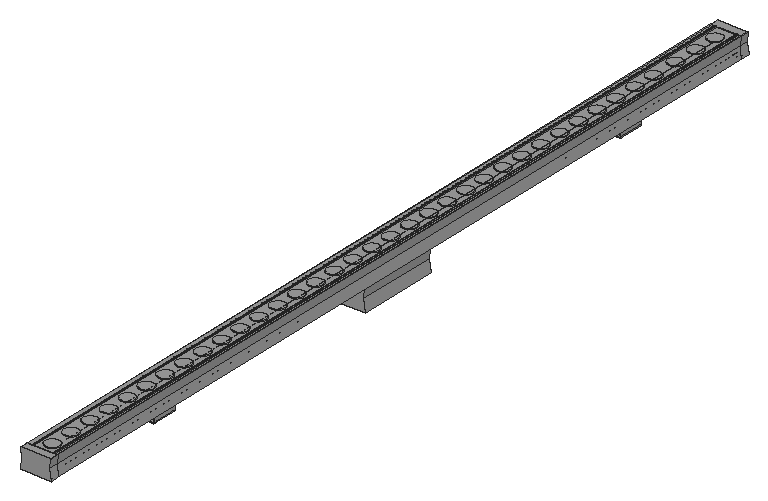
Revit family "SH-1395-120CM", category Lighting Fixtures, Revit 2017
Family settings
  Round Connector Dimension = Use Diameter
  Part Type = Normal
  OmniClass Number = 23.80.70.00
  OmniClass Title = Lighting
  Work Plane-Based = Yes
  Always vertical = No
  Cut with Voids When Loaded = No
  Light Source = No
  Shared = Yes
  Room Calculation Point = No
Parameters (values of type "Sh-1395-36W-120cm(anodized aluminum color-6500K-LED)")
  wattage = 36 W
  instalation = ""
  consumption current = 0.24 A
  color temperature = "6500K"
  color rendering index(CRI) = ""
  Width = 4.2377 cm
  Website = "www.shoaco.com"
  Voltage/Frequency = "230V/50HZ"
  URL = "https://www.shoaco.com/fa/product/%D9%BE%D8%B1%D9%88%DA%98%DA%A9%D8%AA%D9%88%D8%B1-%D9%87%D8%A7/534-%D9%88%D8%A7%D9%84-%D9%88%D8%A7%D8%B4%D8%B1-sh-1395-36LED.html"
  Type medule = "Power LED"
  Protection Class = "Class I"
  Model = "SH-1395-120cm"
  Manufacturer = "SHOA"
  Luminaire Vertical Angle [instance] = 0.00°
  Length = 122.3034 cm
  Lamp = "LED"
  IP = "IP65"
  Height = 7.345 cm
  Flicker = "Free Flicker"
  Default Elevation = 121.92 cm
  Body color = Anodize color
  Body Material = "Aluminum"
  6500K = yes
  3000K = no
  2000K = no
Types (4, lengths in cm): name | color temperature | URL | 6500K | 3000K | 2000K
  (no name) | "6500K" | "https://www.shoaco.com/fa/product/%D9%BE%D8%B1%D9%88%DA%98%DA%A9%D8%AA%D9%88%D8%B1-%D9%87%D8%A7/534-%D9%88%D8%A7%D9%84-%D9%88%D8%A7%D8%B4%D8%B1-sh-1395-36LED.html" | yes | no | no
  Sh-1395-36W-120cm(anodized aluminum color-3000K-LED) | "3000K" | "https://www.shoaco.com/fa/product/%D9%BE%D8%B1%D9%88%DA%98%DA%A9%D8%AA%D9%88%D8%B1-%D9%87%D8%A7/533-%D9%88%D8%A7%D9%84-%D9%88%D8%A7%D8%B4%D8%B1-sh-1395-24LED.html" | no | yes | no
  Sh-1395-36W-120cm(anodized aluminum color-2000K-LED) | "2000K" | "https://www.shoaco.com/fa/product/%D9%BE%D8%B1%D9%88%DA%98%DA%A9%D8%AA%D9%88%D8%B1-%D9%87%D8%A7/533-%D9%88%D8%A7%D9%84-%D9%88%D8%A7%D8%B4%D8%B1-sh-1395-24LED.html" | no | no | yes
  Sh-1395-36W-120cm(anodized aluminum color-6500K-LED) | "6500K" | "https://www.shoaco.com/fa/product/%D9%BE%D8%B1%D9%88%DA%98%DA%A9%D8%AA%D9%88%D8%B1-%D9%87%D8%A7/534-%D9%88%D8%A7%D9%84-%D9%88%D8%A7%D8%B4%D8%B1-sh-1395-36LED.html" | yes | no | no
Reference planes (cm)
  plane 1 "Light Source Axis (F/B)": y = 0
  plane 2: z = 0
  plane 3 "Light Source Axis (L/R)": x = 0
  plane 4 "Light Source Elevation": z = 137.16
  plane 5: x = -1.2506
  plane 6: x = 2.9871
  plane 7: z = 7.345
Forms (cm)
  Extrusion 1, solid, not visible
    sketch origin (58.7935, 36.7249, 0) x (1, 0, 0) y (0, 1, 0)
      loop
        line (31.2065, 29.2751) -> (-148.7935, 29.2751) -> (-148.7935, -100.7249) -> (31.2065, -100.7249) -> (31.2065, 29.2751)
    from -8 to 0
Dimensions and locks (cm)
  "Width": plane 5 to plane 6
  "Height": plane 7 to Extrusion 1
  "Length": nested 25 to nested 25
  aligned and locked: level to plane 2
  aligned and locked: level to Extrusion 1
Automatic sketch dimensions
  plane 5 to Extrusion 1 sketch curve = 88.7494 cm
  Extrusion 1 sketch curve to plane 6 = 87.0129 cm
  plane 1 "Light Source Axis (F/B)" to Extrusion 1 sketch curve = 64.0 cm
  Extrusion 1 sketch curve to plane 1 "Light Source Axis (F/B)" = 66.0 cm
Nested families (cm)
  nested 1: "1395-120cm.ies" at (0.8406, 4.9971, 8.1778) x (0.0006, 0, -1) z (0, 1, 0), visible <- "2000K", type "1395-120cm-2000K"
  nested 2: "1395-120cm.ies" at (0.8406, 58.6407, 8.1831) x (0.0006, 0, -1) z (0, 1, 0), visible <- "2000K", type "1395-120cm-2000K"
  nested 3: "1395-120cm.ies" at (0.8406, 34.7607, 8.1516) x (0.0006, 0, -1) z (0, 1, 0), visible <- "2000K", type "1395-120cm-2000K"
  nested 4: "1395-120cm.ies" at (0.8406, 37.9997, 8.1831) x (0.0006, 0, -1) z (0, 1, 0), visible <- "2000K", type "1395-120cm-2000K"
  nested 5: "1395-120cm.ies" at (0.8406, 41.3155, 8.1831) x (0.0006, 0, -1) z (0, 1, 0), visible <- "2000K", type "1395-120cm-2000K"
  nested 6: "1395-120cm.ies" at (0.8406, 44.533, 8.1556) x (0.0006, 0, -1) z (0, 1, 0), visible <- "2000K", type "1395-120cm-2000K"
  nested 7: "1395-120cm.ies" at (0.8406, 47.9155, 8.1831) x (0.0006, 0, -1) z (0, 1, 0), visible <- "2000K", type "1395-120cm-2000K"
  nested 8: "1395-120cm.ies" at (0.8406, 51.7655, 8.1831) x (0.0006, 0, -1) z (0, 1, 0), visible <- "2000K", type "1395-120cm-2000K"
  nested 9: "1395-120cm.ies" at (0.8406, 55.2305, 8.1831) x (0.0006, 0, -1) z (0, 1, 0), visible <- "2000K", type "1395-120cm-2000K"
  nested 10: "1395-120cm.ies" at (0.8406, 31.333, 8.1831) x (0.0006, 0, -1) z (0, 1, 0), visible <- "2000K", type "1395-120cm-2000K"
  nested 11: "1395-120cm.ies" at (0.8406, -18.2003, 8.2502) x (0.0006, 0, -1) z (0, 1, 0), visible <- "2000K", type "1395-120cm-2000K"
  nested 12: "1395-120cm.ies" at (0.8406, -14.8148, 8.1736) x (0.0006, 0, -1) z (0, 1, 0), visible <- "2000K", type "1395-120cm-2000K"
  nested 13: "1395-120cm.ies" at (0.8406, -11.4692, 8.169) x (0.0006, 0, -1) z (0, 1, 0), visible <- "2000K", type "1395-120cm-2000K"
  nested 14: "1395-120cm.ies" at (0.8406, -8.2319, 8.182) x (0.0006, 0, -1) z (0, 1, 0), visible <- "2000K", type "1395-120cm-2000K"
  nested 15: "1395-120cm.ies" at (0.8406, -4.9174, 8.162) x (0.0006, 0, -1) z (0, 1, 0), visible <- "2000K", type "1395-120cm-2000K"
  nested 16: "1395-120cm.ies" at (0.8406, -1.6879, 8.1836) x (0.0006, 0, -1) z (0, 1, 0), visible <- "2000K", type "1395-120cm-2000K"
  nested 17: "1395-120cm.ies" at (0.8406, 1.7483, 8.1831) x (0.0006, 0, -1) z (0, 1, 0), visible <- "2000K", type "1395-120cm-2000K"
  nested 18: "1395-120cm.ies" at (0.8406, 8.3557, 8.1832) x (0.0006, 0, -1) z (0, 1, 0), visible <- "2000K", type "1395-120cm-2000K"
  nested 19: "1395-120cm.ies" at (0.8406, 11.5787, 8.2041) x (0.0006, 0, -1) z (0, 1, 0), visible <- "2000K", type "1395-120cm-2000K"
  nested 20: "1395-120cm.ies" at (0.8407, 14.989, 8.0999) x (0.0006, 0, -1) z (0, 1, 0), visible <- "2000K", type "1395-120cm-2000K"
  nested 21: "1395-120cm.ies" at (0.8406, 18.2328, 8.1415) x (0.0006, 0, -1) z (0, 1, 0), visible <- "2000K", type "1395-120cm-2000K"
  nested 22: "1395-120cm.ies" at (0.8406, 21.553, 8.1417) x (0.0006, 0, -1) z (0, 1, 0), visible <- "2000K", type "1395-120cm-2000K"
  nested 23: "1395-120cm.ies" at (0.8406, 24.8345, 8.1423) x (0.0006, 0, -1) z (0, 1, 0), visible <- "2000K", type "1395-120cm-2000K"
  nested 24: "1395-120cm.ies" at (0.8406, 28.0653, 8.1423) x (0.0006, 0, -1) z (0, 1, 0), visible <- "2000K", type "1395-120cm-2000K"
  nested 25: "1395-120cm" at (0.8465, -5.4433, 3.5095) x (-1, 0, 0) z (0, 0, 1), Luminaire Vertical Angle <- "Luminaire Vertical Angle", type "1395-120cm"
    with Luminaire Vertical Angle 0.00°, Body color Anodize color
  nested 26: "1395-120cm.ies" at (0.8406, -31.2763, 8.1781) x (0.0006, 0, -1) z (0, 1, 0), visible <- "2000K", type "1395-120cm-2000K"
  nested 27: "1395-120cm.ies" at (0.8406, -27.9408, 8.187) x (0.0006, 0, -1) z (0, 1, 0), visible <- "2000K", type "1395-120cm-2000K"
  nested 28: "1395-120cm.ies" at (0.8406, -51.0799, 8.1719) x (0.0006, 0, -1) z (0, 1, 0), visible <- "2000K", type "1395-120cm-2000K"
  nested 29: "1395-120cm.ies" at (0.8406, -47.8046, 8.192) x (0.0006, 0, -1) z (0, 1, 0), visible <- "2000K", type "1395-120cm-2000K"
  nested 30: "1395-120cm.ies" at (0.8406, -44.5328, 8.2027) x (0.0006, 0, -1) z (0, 1, 0), visible <- "2000K", type "1395-120cm-2000K"
  nested 31: "1395-120cm.ies" at (0.8406, -41.1152, 8.1983) x (0.0006, 0, -1) z (0, 1, 0), visible <- "2000K", type "1395-120cm-2000K"
  nested 32: "1395-120cm.ies" at (0.8406, -37.7882, 8.1878) x (0.0006, 0, -1) z (0, 1, 0), visible <- "2000K", type "1395-120cm-2000K"
  nested 33: "1395-120cm.ies" at (0.8406, -34.5524, 8.1716) x (0.0006, 0, -1) z (0, 1, 0), visible <- "2000K", type "1395-120cm-2000K"
  nested 34: "1395-120cm.ies" at (0.8406, -54.3151, 8.1993) x (0.0006, 0, -1) z (0, 1, 0), visible <- "2000K", type "1395-120cm-2000K"
  nested 35: "1395-120cm.ies" at (0.8406, -57.6706, 8.2237) x (0.0006, 0, -1) z (0, 1, 0), visible <- "2000K", type "1395-120cm-2000K"
  nested 36: "1395-120cm.ies" at (0.8406, -24.6639, 8.1783) x (0.0006, 0, -1) z (0, 1, 0), visible <- "2000K", type "1395-120cm-2000K"
  nested 37: "1395-120cm.ies" at (0.8406, -21.4546, 8.1963) x (0.0006, 0, -1) z (0, 1, 0), visible <- "2000K", type "1395-120cm-2000K"
  nested 38: "1395-120cm.ies" at (0.8406, 58.6407, 8.1831) x (0.0006, 0, -1) z (0, 1, 0), visible <- "3000K", type "1395-120cm-3000K"
  nested 39: "1395-120cm.ies" at (0.8406, 34.7607, 8.1516) x (0.0006, 0, -1) z (0, 1, 0), visible <- "3000K", type "1395-120cm-3000K"
  nested 40: "1395-120cm.ies" at (0.8406, 37.9997, 8.1831) x (0.0006, 0, -1) z (0, 1, 0), visible <- "3000K", type "1395-120cm-3000K"
  nested 41: "1395-120cm.ies" at (0.8406, 41.3155, 8.1831) x (0.0006, 0, -1) z (0, 1, 0), visible <- "3000K", type "1395-120cm-3000K"
  nested 42: "1395-120cm.ies" at (0.8406, 44.533, 8.1556) x (0.0006, 0, -1) z (0, 1, 0), visible <- "3000K", type "1395-120cm-3000K"
  nested 43: "1395-120cm.ies" at (0.8406, 47.9155, 8.1831) x (0.0006, 0, -1) z (0, 1, 0), visible <- "3000K", type "1395-120cm-3000K"
  nested 44: "1395-120cm.ies" at (0.8406, 51.7655, 8.1831) x (0.0006, 0, -1) z (0, 1, 0), visible <- "3000K", type "1395-120cm-3000K"
  nested 45: "1395-120cm.ies" at (0.8406, 55.2305, 8.1831) x (0.0006, 0, -1) z (0, 1, 0), visible <- "3000K", type "1395-120cm-3000K"
  nested 46: "1395-120cm.ies" at (0.8406, 31.333, 8.1831) x (0.0006, 0, -1) z (0, 1, 0), visible <- "3000K", type "1395-120cm-3000K"
  nested 47: "1395-120cm.ies" at (0.8406, -18.2003, 8.2502) x (0.0006, 0, -1) z (0, 1, 0), visible <- "3000K", type "1395-120cm-3000K"
  nested 48: "1395-120cm.ies" at (0.8406, -14.8148, 8.1736) x (0.0006, 0, -1) z (0, 1, 0), visible <- "3000K", type "1395-120cm-3000K"
  nested 49: "1395-120cm.ies" at (0.8406, -11.4692, 8.169) x (0.0006, 0, -1) z (0, 1, 0), visible <- "3000K", type "1395-120cm-3000K"
  nested 50: "1395-120cm.ies" at (0.8406, -8.2319, 8.182) x (0.0006, 0, -1) z (0, 1, 0), visible <- "3000K", type "1395-120cm-3000K"
  nested 51: "1395-120cm.ies" at (0.8406, -4.9174, 8.162) x (0.0006, 0, -1) z (0, 1, 0), visible <- "3000K", type "1395-120cm-3000K"
  nested 52: "1395-120cm.ies" at (0.8406, -1.6879, 8.1836) x (0.0006, 0, -1) z (0, 1, 0), visible <- "3000K", type "1395-120cm-3000K"
  nested 53: "1395-120cm.ies" at (0.8406, 1.7483, 8.1831) x (0.0006, 0, -1) z (0, 1, 0), visible <- "3000K", type "1395-120cm-3000K"
  nested 54: "1395-120cm.ies" at (0.8406, 8.3557, 8.1832) x (0.0006, 0, -1) z (0, 1, 0), visible <- "3000K", type "1395-120cm-3000K"
  nested 55: "1395-120cm.ies" at (0.8406, 11.5787, 8.2041) x (0.0006, 0, -1) z (0, 1, 0), visible <- "3000K", type "1395-120cm-3000K"
  nested 56: "1395-120cm.ies" at (0.8407, 14.989, 8.0999) x (0.0006, 0, -1) z (0, 1, 0), visible <- "3000K", type "1395-120cm-3000K"
  nested 57: "1395-120cm.ies" at (0.8406, 18.2328, 8.1415) x (0.0006, 0, -1) z (0, 1, 0), visible <- "3000K", type "1395-120cm-3000K"
  nested 58: "1395-120cm.ies" at (0.8406, 21.553, 8.1417) x (0.0006, 0, -1) z (0, 1, 0), visible <- "3000K", type "1395-120cm-3000K"
  nested 59: "1395-120cm.ies" at (0.8406, 24.8345, 8.1423) x (0.0006, 0, -1) z (0, 1, 0), visible <- "3000K", type "1395-120cm-3000K"
  nested 60: "1395-120cm.ies" at (0.8406, 28.0653, 8.1423) x (0.0006, 0, -1) z (0, 1, 0), visible <- "3000K", type "1395-120cm-3000K"
  nested 61: "1395-120cm.ies" at (0.8406, -31.2763, 8.1781) x (0.0006, 0, -1) z (0, 1, 0), visible <- "3000K", type "1395-120cm-3000K"
  nested 62: "1395-120cm.ies" at (0.8406, -27.9408, 8.187) x (0.0006, 0, -1) z (0, 1, 0), visible <- "3000K", type "1395-120cm-3000K"
  nested 63: "1395-120cm.ies" at (0.8406, -51.0799, 8.1719) x (0.0006, 0, -1) z (0, 1, 0), visible <- "3000K", type "1395-120cm-3000K"
  nested 64: "1395-120cm.ies" at (0.8406, -47.8046, 8.192) x (0.0006, 0, -1) z (0, 1, 0), visible <- "3000K", type "1395-120cm-3000K"
  nested 65: "1395-120cm.ies" at (0.8406, -44.5328, 8.2027) x (0.0006, 0, -1) z (0, 1, 0), visible <- "3000K", type "1395-120cm-3000K"
  nested 66: "1395-120cm.ies" at (0.8406, -41.1152, 8.1983) x (0.0006, 0, -1) z (0, 1, 0), visible <- "3000K", type "1395-120cm-3000K"
  nested 67: "1395-120cm.ies" at (0.8406, -37.7882, 8.1878) x (0.0006, 0, -1) z (0, 1, 0), visible <- "3000K", type "1395-120cm-3000K"
  nested 68: "1395-120cm.ies" at (0.8406, -34.5524, 8.1716) x (0.0006, 0, -1) z (0, 1, 0), visible <- "3000K", type "1395-120cm-3000K"
  nested 69: "1395-120cm.ies" at (0.8406, -54.3151, 8.1993) x (0.0006, 0, -1) z (0, 1, 0), visible <- "3000K", type "1395-120cm-3000K"
  nested 70: "1395-120cm.ies" at (0.8406, -57.6706, 8.2237) x (0.0006, 0, -1) z (0, 1, 0), visible <- "3000K", type "1395-120cm-3000K"
  nested 71: "1395-120cm.ies" at (0.8406, -24.6639, 8.1783) x (0.0006, 0, -1) z (0, 1, 0), visible <- "3000K", type "1395-120cm-3000K"
  nested 72: "1395-120cm.ies" at (0.8406, -21.4546, 8.1963) x (0.0006, 0, -1) z (0, 1, 0), visible <- "3000K", type "1395-120cm-3000K"
  nested 73: "1395-120cm.ies" at (0.8406, -0.5017, 8.1831) x (0.0006, 0, -1) z (0, 1, 0), visible <- "3000K", type "1395-120cm-3000K"
  nested 74: "1395-120cm.ies" at (0.8406, 58.6407, 8.1831) x (0.0006, 0, -1) z (0, 1, 0), visible <- "6500K", type "1395-120cm-6500K"
  nested 75: "1395-120cm.ies" at (0.8406, 34.7607, 8.1516) x (0.0006, 0, -1) z (0, 1, 0), visible <- "6500K", type "1395-120cm-6500K"
  nested 76: "1395-120cm.ies" at (0.8406, 37.9997, 8.1831) x (0.0006, 0, -1) z (0, 1, 0), visible <- "6500K", type "1395-120cm-6500K"
  nested 77: "1395-120cm.ies" at (0.8406, 41.3155, 8.1831) x (0.0006, 0, -1) z (0, 1, 0), visible <- "6500K", type "1395-120cm-6500K"
  nested 78: "1395-120cm.ies" at (0.8406, 44.533, 8.1556) x (0.0006, 0, -1) z (0, 1, 0), visible <- "6500K", type "1395-120cm-6500K"
  nested 79: "1395-120cm.ies" at (0.8406, 47.9155, 8.1831) x (0.0006, 0, -1) z (0, 1, 0), visible <- "6500K", type "1395-120cm-6500K"
  nested 80: "1395-120cm.ies" at (0.8406, 51.7655, 8.1831) x (0.0006, 0, -1) z (0, 1, 0), visible <- "6500K", type "1395-120cm-6500K"
  nested 81: "1395-120cm.ies" at (0.8406, 55.2305, 8.1831) x (0.0006, 0, -1) z (0, 1, 0), visible <- "6500K", type "1395-120cm-6500K"
  nested 82: "1395-120cm.ies" at (0.8406, 31.333, 8.1831) x (0.0006, 0, -1) z (0, 1, 0), visible <- "6500K", type "1395-120cm-6500K"
  nested 83: "1395-120cm.ies" at (0.8406, -18.2003, 8.2502) x (0.0006, 0, -1) z (0, 1, 0), visible <- "6500K", type "1395-120cm-6500K"
  nested 84: "1395-120cm.ies" at (0.8406, -14.8148, 8.1736) x (0.0006, 0, -1) z (0, 1, 0), visible <- "6500K", type "1395-120cm-6500K"
  nested 85: "1395-120cm.ies" at (0.8406, -11.4692, 8.169) x (0.0006, 0, -1) z (0, 1, 0), visible <- "6500K", type "1395-120cm-6500K"
  nested 86: "1395-120cm.ies" at (0.8406, -8.2319, 8.182) x (0.0006, 0, -1) z (0, 1, 0), visible <- "6500K", type "1395-120cm-6500K"
  nested 87: "1395-120cm.ies" at (0.8406, -4.9174, 8.162) x (0.0006, 0, -1) z (0, 1, 0), visible <- "6500K", type "1395-120cm-6500K"
  nested 88: "1395-120cm.ies" at (0.8406, -1.6879, 8.1836) x (0.0006, 0, -1) z (0, 1, 0), visible <- "6500K", type "1395-120cm-6500K"
  nested 89: "1395-120cm.ies" at (0.8406, 1.7483, 8.1831) x (0.0006, 0, -1) z (0, 1, 0), visible <- "6500K", type "1395-120cm-6500K"
  nested 90: "1395-120cm.ies" at (0.8406, 8.3557, 8.1832) x (0.0006, 0, -1) z (0, 1, 0), visible <- "6500K", type "1395-120cm-6500K"
  nested 91: "1395-120cm.ies" at (0.8406, 11.5787, 8.2041) x (0.0006, 0, -1) z (0, 1, 0), visible <- "6500K", type "1395-120cm-6500K"
  nested 92: "1395-120cm.ies" at (0.8407, 14.989, 8.0999) x (0.0006, 0, -1) z (0, 1, 0), visible <- "6500K", type "1395-120cm-6500K"
  nested 93: "1395-120cm.ies" at (0.8406, 18.2328, 8.1415) x (0.0006, 0, -1) z (0, 1, 0), visible <- "6500K", type "1395-120cm-6500K"
  nested 94: "1395-120cm.ies" at (0.8406, 21.553, 8.1417) x (0.0006, 0, -1) z (0, 1, 0), visible <- "6500K", type "1395-120cm-6500K"
  nested 95: "1395-120cm.ies" at (0.8406, 24.8345, 8.1423) x (0.0006, 0, -1) z (0, 1, 0), visible <- "6500K", type "1395-120cm-6500K"
  nested 96: "1395-120cm.ies" at (0.8406, 28.0653, 8.1423) x (0.0006, 0, -1) z (0, 1, 0), visible <- "6500K", type "1395-120cm-6500K"
  nested 97: "1395-120cm.ies" at (0.8406, -31.2763, 8.1781) x (0.0006, 0, -1) z (0, 1, 0), visible <- "6500K", type "1395-120cm-6500K"
  nested 98: "1395-120cm.ies" at (0.8406, -27.9408, 8.187) x (0.0006, 0, -1) z (0, 1, 0), visible <- "6500K", type "1395-120cm-6500K"
  nested 99: "1395-120cm.ies" at (0.8406, -51.0799, 8.1719) x (0.0006, 0, -1) z (0, 1, 0), visible <- "6500K", type "1395-120cm-6500K"
  nested 100: "1395-120cm.ies" at (0.8406, -47.8046, 8.192) x (0.0006, 0, -1) z (0, 1, 0), visible <- "6500K", type "1395-120cm-6500K"
  nested 101: "1395-120cm.ies" at (0.8406, -44.5328, 8.2027) x (0.0006, 0, -1) z (0, 1, 0), visible <- "6500K", type "1395-120cm-6500K"
  nested 102: "1395-120cm.ies" at (0.8406, -41.1152, 8.1983) x (0.0006, 0, -1) z (0, 1, 0), visible <- "6500K", type "1395-120cm-6500K"
  nested 103: "1395-120cm.ies" at (0.8406, -37.7882, 8.1878) x (0.0006, 0, -1) z (0, 1, 0), visible <- "6500K", type "1395-120cm-6500K"
  nested 104: "1395-120cm.ies" at (0.8406, -34.5524, 8.1716) x (0.0006, 0, -1) z (0, 1, 0), visible <- "6500K", type "1395-120cm-6500K"
  nested 105: "1395-120cm.ies" at (0.8406, -54.3151, 8.1993) x (0.0006, 0, -1) z (0, 1, 0), visible <- "6500K", type "1395-120cm-6500K"
  nested 106: "1395-120cm.ies" at (0.8406, -57.6706, 8.2237) x (0.0006, 0, -1) z (0, 1, 0), visible <- "6500K", type "1395-120cm-6500K"
  nested 107: "1395-120cm.ies" at (0.8406, -24.6639, 8.1783) x (0.0006, 0, -1) z (0, 1, 0), visible <- "6500K", type "1395-120cm-6500K"
  nested 108: "1395-120cm.ies" at (0.8406, -21.4546, 8.1963) x (0.0006, 0, -1) z (0, 1, 0), visible <- "6500K", type "1395-120cm-6500K"
  nested 109: "1395-120cm.ies" at (0.8406, -0.5017, 8.1831) x (0.0006, 0, -1) z (0, 1, 0), visible <- "6500K", type "1395-120cm-6500K"
Connectors (cm)
  electrical at (0.8391, 0.246, 1.4259)
    settings: on nested 25, index 1, voltage 230 V, apparent load 0 VA, apparent load phase1 0 VA, apparent load phase2 0 VA, apparent load phase3 0 VA, power factor 1, load classification "Other", number of poles 1, system type 31, power factor state 1, is connector primary yes, connector utility no, sub classification motor no, connector description ""
Definition of nested family "1395-120cm"
  Parameters (values of type "Family4")
    Luminaire Vertical Angle [instance] = 0.00°
    Default Elevation = 121.92 cm
    Body color [instance] = none
  Reference planes (cm)
    plane 1 "Center (Front/Back)": y = 0
    plane 2: z = 0
    plane 3 "Center (Left/Right)": x = 0
  Forms (cm)
    Extrusion 1, solid, not visible
      sketch origin (0, 0, 0) x (1, 0, 0) y (0, 1, 0)
        loop
          line (50, 59.7561) -> (-50, 59.7561) -> (-50, -76.0005) -> (50, -76.0005) -> (50, 59.7561)
      from 0 to -7.867
    Extrusion 2, solid, material <- "Body color"
      sketch origin (0.023, 0, 27.9113) x (-0.00062, 0, -1) y (1, 0, -0.00062)
        loop
          line (26.9927, 1.965) -> (26.9927, 2.201) -> (25.4269, 1.9786) -> (24.26, 2.1282)
          arc (24.26, 2.1282) -> (24.2021, 2.1105) -> (24.1771, 2.0553) r 0.0735
          line (24.1771, 2.0553) -> (24.1771, 1.4818)
          arc (24.1771, 1.4818) -> (24.1926, 1.4443) -> (24.2301, 1.4288) r 0.053
          line (24.2301, 1.4288) -> (24.3275, 1.4288)
          arc (24.3275, 1.4288) -> (24.3701, 1.4464) -> (24.3878, 1.489) r 0.0603
          line (24.3878, 1.489) -> (24.3878, 1.5758) -> (24.2888, 1.6376) -> (24.303, 1.7275) -> (24.7028, 1.7275) -> (25.025, 1.7275)
          arc (25.025, 1.7275) -> (25.0623, 1.7121) -> (25.0778, 1.6748) r 0.0528
          line (25.0778, 1.6748) -> (25.0778, 1.5075) -> (24.9378, 1.5075) -> (24.9378, 1.3775) -> (26.2978, 1.3775) -> (26.2978, 1.5075) -> (26.4976, 1.5075)
          arc (26.4976, 1.5075) -> (26.5331, 1.4929) -> (26.5478, 1.4574) r 0.0501
          line (26.5478, 1.4574) -> (26.5478, 0.0075) -> (26.5478, -1.4423)
          arc (26.5478, -1.4423) -> (26.5331, -1.4778) -> (26.4976, -1.4925) r 0.0501
          line (26.4976, -1.4925) -> (26.2978, -1.4925) -> (26.2978, -1.3625) -> (24.9378, -1.3625) -> (24.9378, -1.4925) -> (25.0778, -1.4925) -> (25.0778, -1.6597)
          arc (25.0778, -1.6597) -> (25.0623, -1.697) -> (25.025, -1.7125) r 0.0528
          line (25.025, -1.7125) -> (24.7028, -1.7125) -> (24.303, -1.7125) -> (24.2888, -1.6225) -> (24.3878, -1.5607) -> (24.3878, -1.474)
          arc (24.3878, -1.474) -> (24.3701, -1.4313) -> (24.3275, -1.4137) r 0.0603
          line (24.3275, -1.4137) -> (24.2301, -1.4137)
          arc (24.2301, -1.4137) -> (24.1926, -1.4292) -> (24.1771, -1.4667) r 0.053
          line (24.1771, -1.4667) -> (24.1771, -2.0402)
          arc (24.1771, -2.0402) -> (24.2021, -2.0954) -> (24.26, -2.1132) r 0.0735
          line (24.26, -2.1132) -> (25.4269, -1.9635) -> (26.9927, -2.1859) -> (26.9927, -1.9499) -> (26.6878, -1.9066) -> (26.6878, -1.8073)
          arc (26.6878, -1.8073) -> (26.6463, -1.7538) -> (26.5841, -1.7806) r 0.0553
          arc (26.5841, -1.7806) -> (26.4628, -1.8346) -> (26.3779, -1.7326) r 0.11
          arc (26.3779, -1.7326) -> (26.4468, -1.6253) -> (26.5708, -1.6553) r 0.11
          arc (26.5708, -1.6553) -> (26.6444, -1.6741) -> (26.6878, -1.6116) r 0.0666
          line (26.6878, -1.6116) -> (26.6878, -1.4707)
          arc (26.6878, -1.4707) -> (26.7048, -1.4295) -> (26.746, -1.4125) r 0.0583
          line (26.746, -1.4125) -> (26.8353, -1.4125)
          arc (26.8353, -1.4125) -> (26.8729, -1.428) -> (26.8885, -1.4657) r 0.0532
          line (26.8885, -1.4657) -> (26.8885, -1.5901)
          arc (26.8885, -1.5901) -> (26.9396, -1.6411) -> (26.9907, -1.5901) r 0.0511
          line (26.9907, -1.5901) -> (26.9907, -1.234)
          arc (26.9907, -1.234) -> (26.9756, -1.1976) -> (26.9391, -1.1825) r 0.0516
          line (26.9391, -1.1825) -> (26.7278, -1.1825)
          arc (26.7278, -1.1825) -> (26.6678, -1.1225) -> (26.7278, -1.0625) r 0.06
          line (26.7278, -1.0625) -> (26.9465, -1.0625)
          arc (26.9465, -1.0625) -> (26.9915, -1.0175) -> (26.9465, -0.9725) r 0.045
          line (26.9465, -0.9725) -> (26.7278, -0.9725)
          arc (26.7278, -0.9725) -> (26.6678, -0.9125) -> (26.7278, -0.8525) r 0.06
          line (26.7278, -0.8525) -> (26.9543, -0.8525)
          arc (26.9543, -0.8525) -> (26.9993, -0.8075) -> (26.9543, -0.7625) r 0.045
          line (26.9543, -0.7625) -> (26.7278, -0.7625)
          arc (26.7278, -0.7625) -> (26.6678, -0.7025) -> (26.7278, -0.6425) r 0.06
          line (26.7278, -0.6425) -> (26.9465, -0.6425)
          arc (26.9465, -0.6425) -> (26.9915, -0.5975) -> (26.9465, -0.5525) r 0.045
          line (26.9465, -0.5525) -> (26.7278, -0.5525)
          arc (26.7278, -0.5525) -> (26.6678, -0.4925) -> (26.7278, -0.4325) r 0.06
          line (26.7278, -0.4325) -> (26.9379, -0.4325)
          arc (26.9379, -0.4325) -> (26.9747, -0.4172) -> (26.9899, -0.3804) r 0.052
          line (26.9899, -0.3804) -> (26.9899, 0.0075) -> (26.9899, 0.3955)
          arc (26.9899, 0.3955) -> (26.9747, 0.4323) -> (26.9379, 0.4475) r 0.052
          line (26.9379, 0.4475) -> (26.7278, 0.4475)
          arc (26.7278, 0.4475) -> (26.6678, 0.5075) -> (26.7278, 0.5675) r 0.06
          line (26.7278, 0.5675) -> (26.9543, 0.5675)
          arc (26.9543, 0.5675) -> (26.9993, 0.6125) -> (26.9543, 0.6575) r 0.045
          line (26.9543, 0.6575) -> (26.7278, 0.6575)
          arc (26.7278, 0.6575) -> (26.6678, 0.7175) -> (26.7278, 0.7775) r 0.06
          line (26.7278, 0.7775) -> (26.9465, 0.7775)
          arc (26.9465, 0.7775) -> (26.9915, 0.8225) -> (26.9465, 0.8675) r 0.045
          line (26.9465, 0.8675) -> (26.7278, 0.8675)
          arc (26.7278, 0.8675) -> (26.6678, 0.9275) -> (26.7278, 0.9875) r 0.06
          line (26.7278, 0.9875) -> (26.9543, 0.9875)
          arc (26.9543, 0.9875) -> (26.9993, 1.0325) -> (26.9543, 1.0775) r 0.045
          line (26.9543, 1.0775) -> (26.7278, 1.0775)
          arc (26.7278, 1.0775) -> (26.6678, 1.1375) -> (26.7278, 1.1975) r 0.06
          line (26.7278, 1.1975) -> (26.9391, 1.1975)
          arc (26.9391, 1.1975) -> (26.9756, 1.2126) -> (26.9907, 1.2491) r 0.0516
          line (26.9907, 1.2491) -> (26.9907, 1.6051)
          arc (26.9907, 1.6051) -> (26.9396, 1.6562) -> (26.8885, 1.6051) r 0.0511
          line (26.8885, 1.6051) -> (26.8885, 1.4808)
          arc (26.8885, 1.4808) -> (26.8729, 1.4431) -> (26.8353, 1.4275) r 0.0532
          line (26.8353, 1.4275) -> (26.746, 1.4275)
          arc (26.746, 1.4275) -> (26.7048, 1.4446) -> (26.6878, 1.4858) r 0.0583
          line (26.6878, 1.4858) -> (26.6878, 1.6267)
          arc (26.6878, 1.6267) -> (26.6444, 1.6892) -> (26.5708, 1.6704) r 0.0666
          arc (26.5708, 1.6704) -> (26.4468, 1.6404) -> (26.3779, 1.7477) r 0.11
          arc (26.3779, 1.7477) -> (26.4628, 1.8497) -> (26.5841, 1.7957) r 0.11
          arc (26.5841, 1.7957) -> (26.6463, 1.7688) -> (26.6878, 1.8224) r 0.0553
          line (26.6878, 1.8224) -> (26.6878, 1.9217) -> (26.9983, 1.9658)
      from -53.9693 to 66
    Extrusion 3, solid, material <- "Body color"
      sketch origin (0.023, 0, 27.9113) x (-0.00062, 0, -1) y (1, 0, -0.00062)
        loop
          line (24.9378, -1.4925) -> (24.9378, 1.5075) -> (24.8466, 1.5075) -> (24.8466, -1.4925) -> (24.9378, -1.4925)
      from 66 to -34.0478
    Extrusion 4, solid, material <- "Body color"
      sketch origin (0.023, 0, 27.9113) x (-0.00062, 0, -1) y (1, 0, -0.00062)
        loop
          line (24.2301, 1.4288) -> (24.2301, -1.4137) -> (24.3275, -1.4137) -> (24.3275, 1.4288) -> (24.2301, 1.4288)
      from 66 to -53.9693
    Extrusion 5, solid, material <- "Body color"
      sketch origin (0.023, 0, 27.9113) x (-0.00062, 0, -1) y (1, 0, -0.00062)
        loop
          line (26.8366, -1.5373) -> (26.7566, -1.5373) -> (26.7566, -1.7172)
          arc (26.7566, -1.7172) -> (26.7952, -1.8104) -> (26.8884, -1.849) r 0.1318
          line (26.8884, -1.849) -> (27.8524, -1.849)
          arc (27.8524, -1.849) -> (27.9454, -1.8105) -> (27.9839, -1.7175) r 0.1315
          line (27.9839, -1.7175) -> (27.9839, -0.2396)
          arc (27.9839, -0.2396) -> (28.1337, -0.1536) -> (28.2155, -0.0016) r 0.3148
          arc (28.2155, -0.0016) -> (28.1337, 0.1504) -> (27.9839, 0.2364) r 0.3148
          line (27.9839, 0.2364) -> (27.9839, 1.6752)
          arc (27.9839, 1.6752) -> (27.9454, 1.7682) -> (27.8524, 1.8067) r 0.1315
          line (27.8524, 1.8067) -> (26.8884, 1.8067)
          arc (26.8884, 1.8067) -> (26.7952, 1.7681) -> (26.7566, 1.6749) r 0.1318
          line (26.7566, 1.6749) -> (26.7566, 1.5373) -> (26.8366, 1.5373) -> (26.8366, 1.6749)
          arc (26.8366, 1.6749) -> (26.8518, 1.7115) -> (26.8884, 1.7267) r 0.0518
          line (26.8884, 1.7267) -> (27.8524, 1.7267)
          arc (27.8524, 1.7267) -> (27.8889, 1.7116) -> (27.9039, 1.6752) r 0.0515
          line (27.9039, 1.6752) -> (27.9039, 0.2207)
          arc (27.9039, 0.2207) -> (27.9177, 0.1823) -> (27.9528, 0.1614) r 0.0604
          arc (27.9528, 0.1614) -> (28.0656, 0.105) -> (28.1329, -0.0016) r 0.2348
          arc (28.1329, -0.0016) -> (28.0656, -0.1082) -> (27.9528, -0.1646) r 0.2348
          arc (27.9528, -0.1646) -> (27.9177, -0.1855) -> (27.9039, -0.2239) r 0.0604
          line (27.9039, -0.2239) -> (27.9039, -1.7175)
          arc (27.9039, -1.7175) -> (27.8889, -1.754) -> (27.8524, -1.769) r 0.0515
          line (27.8524, -1.769) -> (26.8884, -1.769)
          arc (26.8884, -1.769) -> (26.8518, -1.7539) -> (26.8366, -1.7172) r 0.0518
          line (26.8366, -1.7172) -> (26.8366, -1.5373)
      from 45.1483 to 48.6638
    Extrusion 6, solid, material <- "Body color"
      sketch origin (0.023, 0, 27.9113) x (-0.00062, 0, -1) y (1, 0, -0.00062)
        loop
          arc (24.26, 2.1245) -> (24.2021, 2.1068) -> (24.1771, 2.0516) r 0.0735
          line (24.1771, 2.0516) -> (24.1771, -2.04)
          arc (24.1771, -2.04) -> (24.2021, -2.0952) -> (24.26, -2.1129) r 0.0735
          line (24.26, -2.1129) -> (25.4126, -1.9651) -> (26.9996, -2.1906) -> (26.9996, 2.1965) -> (25.4336, 1.974) -> (24.26, 2.1245)
      from 66 to 67.1604
    Extrusion 7, solid, material <- "Body color"
      sketch origin (0.023, 0, 27.9113) x (-0.00062, 0, -1) y (1, 0, -0.00062)
        loop
          line (24.1771, 2.0553) -> (24.1771, -2.0402)
          arc (24.1771, -2.0402) -> (24.2021, -2.0954) -> (24.26, -2.1132) r 0.0735
          line (24.26, -2.1132) -> (25.4269, -1.9635) -> (26.9996, -2.1869) -> (26.9996, 2.202) -> (25.4269, 1.9786) -> (24.26, 2.1282)
          arc (24.26, 2.1282) -> (24.2021, 2.1105) -> (24.1771, 2.0553) r 0.0735
      from -55.143 to -53.9693
    Extrusion 8, solid
      sketch origin (1.4367, 0.5, 3.6802) x (-1, 0, 0.00062) y (0, -1, 0)
        loop
          circle (1.4738, 64.4724) r 1
      from -0.3052 to 0.0069
    Extrusion 9, solid
      sketch origin (1.4367, 0, 3.6802) x (-1, 0, 0.00062) y (0, -1, 0)
        loop
          circle (1.4738, -52.3218) r 1
      from -0.3052 to 0.0069
    Extrusion 10, solid, material <- "Body color"
      sketch origin (0.023, 0, 27.9113) x (-0.00062, 0, -1) y (1, 0, -0.00062)
        loop
          line (26.9899, 2.0516) -> (26.9899, -2.04)
          arc (26.9899, -2.04) -> (27.0149, -2.0952) -> (27.0728, -2.1129) r 0.0735
          line (27.0728, -2.1129) -> (28.2254, -1.9651) -> (29.9949, -2.2165) -> (29.9949, 2.2224) -> (28.2464, 1.974) -> (27.0728, 2.1245)
          arc (27.0728, 2.1245) -> (27.0149, 2.1068) -> (26.9899, 2.0516) r 0.0735
      from 0 to 11.3786
    Extrusion 11, solid, material <- "Body color"
      sketch origin (0.023, 0, 27.9113) x (-0.00062, 0, -1) y (1, 0, -0.00062)
        loop
          line (26.8366, -1.5373) -> (26.7566, -1.5373) -> (26.7566, -1.7172)
          arc (26.7566, -1.7172) -> (26.7952, -1.8104) -> (26.8884, -1.849) r 0.1318
          line (26.8884, -1.849) -> (27.8547, -1.849)
          arc (27.8547, -1.849) -> (27.9477, -1.8105) -> (27.9862, -1.7175) r 0.1315
          line (27.9862, -1.7175) -> (27.9862, -0.238)
          arc (27.9862, -0.238) -> (28.136, -0.152) -> (28.2178, 0) r 0.3148
          arc (28.2178, 0) -> (28.136, 0.152) -> (27.9862, 0.238) r 0.3148
          line (27.9862, 0.238) -> (27.9862, 1.6752)
          arc (27.9862, 1.6752) -> (27.9477, 1.7682) -> (27.8547, 1.8067) r 0.1315
          line (27.8547, 1.8067) -> (26.8884, 1.8067)
          arc (26.8884, 1.8067) -> (26.7952, 1.7681) -> (26.7566, 1.6749) r 0.1318
          line (26.7566, 1.6749) -> (26.7566, 1.5373) -> (26.8366, 1.5373) -> (26.8366, 1.6749)
          arc (26.8366, 1.6749) -> (26.8518, 1.7115) -> (26.8884, 1.7267) r 0.0518
          line (26.8884, 1.7267) -> (27.8547, 1.7267)
          arc (27.8547, 1.7267) -> (27.8912, 1.7116) -> (27.9062, 1.6752) r 0.0515
          line (27.9062, 1.6752) -> (27.9062, 0.2223)
          arc (27.9062, 0.2223) -> (27.92, 0.1839) -> (27.9551, 0.163) r 0.0604
          arc (27.9551, 0.163) -> (28.0679, 0.1066) -> (28.1352, 0) r 0.2348
          arc (28.1352, 0) -> (28.0679, -0.1066) -> (27.9551, -0.163) r 0.2348
          arc (27.9551, -0.163) -> (27.92, -0.1839) -> (27.9062, -0.2223) r 0.0604
          line (27.9062, -0.2223) -> (27.9062, -1.7175)
          arc (27.9062, -1.7175) -> (27.8912, -1.754) -> (27.8547, -1.769) r 0.0515
          line (27.8547, -1.769) -> (26.8884, -1.769)
          arc (26.8884, -1.769) -> (26.8518, -1.7539) -> (26.8366, -1.7172) r 0.0518
          line (26.8366, -1.7172) -> (26.8366, -1.5373)
      from -36.6395 to -33.1644
    Extrusion 12, solid
      sketch origin (1.4367, 0, 3.6802) x (-1, 0, 0.00062) y (0, -1, 0)
        loop
          circle (1.4738, -49.0198) r 1
      from -0.3052 to 0.0069
    Extrusion 13, solid
      sketch origin (1.4367, 0, 3.6802) x (-1, 0, 0.00062) y (0, -1, 0)
        loop
          circle (1.4738, -45.7196) r 1
        loop
          circle (1.4738, -42.4236) r 1
        loop
          circle (1.4738, -39.1265) r 1
        loop
          circle (1.4738, -35.8293) r 1
        loop
          circle (1.4738, -32.5322) r 1
        loop
          circle (1.4738, -29.2321) r 1
        loop
          circle (1.4738, -25.9319) r 1
        loop
          circle (1.4738, -22.6318) r 1
        loop
          circle (1.4738, -19.3318) r 1
        loop
          circle (1.4738, -16.0336) r 1
        loop
          circle (1.4738, -12.7361) r 1
        loop
          circle (1.4738, -9.436) r 1
        loop
          circle (1.4738, -6.1358) r 1
        loop
          circle (1.4738, -2.8357) r 1
        loop
          circle (1.4738, 0.4644) r 1
        loop
          circle (1.4738, 3.7645) r 1
        loop
          circle (1.4738, 7.0612) r 1
        loop
          circle (1.4738, 10.3649) r 1
        loop
          circle (1.4738, 13.6919) r 1
        loop
          circle (1.4738, 16.99) r 1
        loop
          circle (1.4738, 20.289) r 1
        loop
          circle (1.4738, 23.4849) r 1
        loop
          circle (1.4738, 26.7864) r 1
        loop
          circle (1.4738, 30.0854) r 1
        loop
          circle (1.4738, 33.3854) r 1
        loop
          circle (1.4738, 36.705) r 1
        loop
          circle (1.4738, 40.0092) r 1
        loop
          circle (1.4738, 43.309) r 1
        loop
          circle (1.4738, 46.6116) r 1
        loop
          circle (1.4738, 49.9159) r 1
        loop
          circle (1.4738, 53.2164) r 1
      from -0.3052 to 0.0069
    Extrusion 14, solid
      sketch origin (1.4367, 0.5, 3.6802) x (-1, 0, 0.00062) y (0, -1, 0)
        loop
          circle (1.4738, 57.5478) r 1
      from -0.3052 to 0.0069
    Extrusion 15, solid
      sketch origin (1.4367, 0.5, 3.6802) x (-1, 0, 0.00062) y (0, -1, 0)
        loop
          circle (1.4738, 61.098) r 1
      from -0.3052 to 0.0069
  Lines and regions (cm)
    reference lines
      curve 1: line (28, 0, 0) -> (0, 0, 0)
  Dimensions and locks (cm)
    "Luminaire Vertical Angle": angle level to curve 1
    aligned and locked: plane 2 to level
    aligned and locked: level to Extrusion 1
    aligned and locked: plane 2 to Extrusion 1
    aligned and locked: curve 1 to Extrusion 1
  Automatic sketch dimensions
    Extrusion 1 sketch curve to plane 3 "Center (Left/Right)" = 50.0 cm
    plane 3 "Center (Left/Right)" to Extrusion 1 sketch curve = 50.0 cm
    plane 1 "Center (Front/Back)" to Extrusion 1 sketch curve = 76.0005 cm
    Extrusion 1 sketch curve to plane 1 "Center (Front/Back)" = 59.7561 cm
    Extrusion 2 sketch curve to Extrusion 2 sketch curve = 0.0 cm  (x12)
    Extrusion 2 sketch curve to curve 1 = 3.7341 cm  (x2)
    Extrusion 2 sketch curve to Extrusion 2 sketch curve = 0.053 cm  (x2)
    Extrusion 2 sketch curve to Extrusion 2 sketch curve = 0.0735 cm  (x2)
    Extrusion 2 sketch curve to Extrusion 2 sketch curve = 0.0093 cm  (x2)
    Extrusion 2 sketch curve to Extrusion 2 sketch curve = 0.0587 cm  (x2)
    Extrusion 2 sketch curve to Extrusion 2 sketch curve = 0.0142 cm  (x2)
    Extrusion 2 sketch curve to Extrusion 2 sketch curve = 0.0974 cm  (x2)
    Extrusion 2 sketch curve to Extrusion 2 sketch curve = 0.0603 cm  (x2)
    Extrusion 2 sketch curve to Extrusion 2 sketch curve = 0.315 cm  (x2)
    Extrusion 2 sketch curve to Extrusion 2 sketch curve = 0.235 cm  (x2)
    Extrusion 2 sketch curve to Extrusion 2 sketch curve = 0.0872 cm  (x2)
    Extrusion 2 sketch curve to Extrusion 2 sketch curve = 0.14 cm  (x2)
    Extrusion 2 sketch curve to Extrusion 2 sketch curve = 0.0528 cm
    Extrusion 2 sketch curve to Extrusion 2 sketch curve = 0.3492 cm  (x2)
    Extrusion 2 sketch curve to Extrusion 2 sketch curve = 0.8708 cm
    Extrusion 2 sketch curve to curve 1 = 1.6135 cm
    Extrusion 2 sketch curve to Extrusion 2 sketch curve = 0.19 cm  (x2)
    Extrusion 2 sketch curve to Extrusion 2 sketch curve = 0.1999 cm  (x2)
    Extrusion 2 sketch curve to Extrusion 2 sketch curve = 0.0501 cm
    Extrusion 2 sketch curve to Extrusion 2 sketch curve = 0.1235 cm  (x2)
    Extrusion 2 sketch curve to Extrusion 2 sketch curve = 0.1447 cm  (x2)
    Extrusion 2 sketch curve to Extrusion 2 sketch curve = 0.0666 cm
    Extrusion 2 sketch curve to Extrusion 2 sketch curve = 0.0553 cm  (x2)
    Extrusion 2 sketch curve to curve 1 = 1.1835 cm  (x2)
    Extrusion 2 sketch curve to Extrusion 2 sketch curve = 0.04 cm
    Extrusion 2 sketch curve to Extrusion 2 sketch curve = 0.0583 cm  (x2)
    Extrusion 2 sketch curve to Extrusion 2 sketch curve = 0.0892 cm  (x2)
    Extrusion 2 sketch curve to Extrusion 2 sketch curve = 0.0532 cm  (x2)
    Extrusion 2 sketch curve to Extrusion 2 sketch curve = 0.2102 cm  (x2)
    Extrusion 2 sketch curve to Extrusion 2 sketch curve = 0.2114 cm  (x2)
    Extrusion 2 sketch curve to Extrusion 2 sketch curve = 0.0511 cm  (x2)
    Extrusion 2 sketch curve to Extrusion 2 sketch curve = 0.0086 cm
    Extrusion 2 sketch curve to curve 1 = 0.9648 cm
    Extrusion 2 sketch curve to Extrusion 2 sketch curve = 0.2187 cm
    Extrusion 2 sketch curve to curve 1 = 0.9569 cm
    Extrusion 2 sketch curve to Extrusion 2 sketch curve = 0.0078 cm  (x2)
    Extrusion 2 sketch curve to Extrusion 2 sketch curve = 0.052 cm
    Extrusion 2 sketch curve to Extrusion 2 sketch curve = 0.3049 cm  (x2)
    Extrusion 2 sketch curve to curve 1 = 2.1803 cm
    Extrusion 2 sketch curve to curve 1 = 2.1075 cm
    Extrusion 2 sketch curve to curve 1 = 1.9579 cm
    Extrusion 2 sketch curve to Extrusion 2 sketch curve = 0.236 cm  (x2)
    Extrusion 2 sketch curve to Extrusion 2 sketch curve = 0.0433 cm
    Extrusion 2 sketch curve to Extrusion 2 sketch curve = 0.0993 cm  (x2)
    Extrusion 2 sketch curve to Extrusion 2 sketch curve = 0.0798 cm
    Extrusion 2 sketch curve to Extrusion 2 sketch curve = 0.3278 cm  (x2)
    Extrusion 2 sketch curve to Extrusion 2 sketch curve = 0.0899 cm
    Extrusion 2 sketch curve to Extrusion 2 sketch curve = 0.1956 cm
    Extrusion 2 sketch curve to Extrusion 2 sketch curve = 0.0216 cm
    Extrusion 2 sketch curve to Extrusion 2 sketch curve = 0.0618 cm  (x2)
    Extrusion 2 sketch curve to Extrusion 2 sketch curve = 0.1672 cm  (x2)
    Extrusion 2 sketch curve to Extrusion 2 sketch curve = 0.1192 cm
    Extrusion 2 sketch curve to Extrusion 2 sketch curve = 0.0867 cm  (x2)
    Extrusion 2 sketch curve to Extrusion 2 sketch curve = 0.1409 cm  (x2)
    Extrusion 2 sketch curve to Extrusion 2 sketch curve = 0.13 cm  (x2)
    Extrusion 2 sketch curve to Extrusion 2 sketch curve = 0.1784 cm  (x2)
    Extrusion 2 sketch curve to Extrusion 2 sketch curve = 0.06 cm  (x7)
    Extrusion 2 sketch curve to Extrusion 2 sketch curve = 0.045 cm  (x6)
    Extrusion 2 sketch curve to curve 1 = 0.9068 cm
    Extrusion 2 sketch curve to Extrusion 2 sketch curve = 0.388 cm  (x2)
    Extrusion 2 sketch curve to Extrusion 2 sketch curve = 0.18 cm
    Extrusion 2 sketch curve to Extrusion 2 sketch curve = 0.0512 cm
    Extrusion 2 sketch curve to Extrusion 2 sketch curve = 0.0284 cm
    Extrusion 2 sketch curve to Extrusion 2 sketch curve = 0.1244 cm
    Extrusion 2 sketch curve to Extrusion 2 sketch curve = 0.1158 cm
    Extrusion 2 sketch curve to Extrusion 2 sketch curve = 0.1519 cm
    Extrusion 2 sketch curve to Extrusion 2 sketch curve = 0.3039 cm
    Extrusion 2 sketch curve to Extrusion 2 sketch curve = 0.2794 cm
    Extrusion 2 sketch curve to Extrusion 2 sketch curve = 0.1099 cm  (x2)
    Extrusion 2 sketch curve to Extrusion 2 sketch curve = 0.0056 cm
    Extrusion 3 sketch curve to curve 1 = 3.0646 cm
    Extrusion 3 sketch curve to Extrusion 3 sketch curve = 0.0911 cm
    Extrusion 3 sketch curve to curve 1 = 1.4868 cm
    curve 1 to Extrusion 3 sketch curve = 1.5132 cm
    Extrusion 4 sketch curve to curve 1 = 3.6811 cm
    Extrusion 4 sketch curve to Extrusion 4 sketch curve = 0.0974 cm
    Extrusion 4 sketch curve to curve 1 = 1.408 cm
    curve 1 to Extrusion 4 sketch curve = 1.4345 cm
    Extrusion 5 sketch curve to Extrusion 5 sketch curve = 0.0 cm  (x15)
    Extrusion 5 sketch curve to curve 1 = 1.1547 cm  (x2)
    Extrusion 5 sketch curve to Extrusion 5 sketch curve = 0.08 cm  (x2)
    Extrusion 5 sketch curve to Extrusion 5 sketch curve = 0.0518 cm  (x2)
    Extrusion 5 sketch curve to curve 1 = 0.0588 cm
    Extrusion 5 sketch curve to Extrusion 5 sketch curve = 0.964 cm
    Extrusion 5 sketch curve to Extrusion 5 sketch curve = 0.0515 cm  (x2)
    Extrusion 5 sketch curve to Extrusion 5 sketch curve = 0.0041 cm
    Extrusion 5 sketch curve to Extrusion 5 sketch curve = 0.0196 cm  (x2)
    Extrusion 5 sketch curve to curve 1 = 1.8434 cm
    Extrusion 5 sketch curve to Extrusion 5 sketch curve = 0.18 cm
    Extrusion 5 sketch curve to curve 1 = 0.2339 cm
    Extrusion 5 sketch curve to Extrusion 5 sketch curve = 0.0157 cm  (x2)
    Extrusion 5 sketch curve to Extrusion 5 sketch curve = 0.1548 cm  (x2)
    Extrusion 5 sketch curve to Extrusion 5 sketch curve = 0.135 cm
    Extrusion 5 sketch curve to Extrusion 5 sketch curve = 1.3166 cm
    Extrusion 5 sketch curve to Extrusion 5 sketch curve = 0.1376 cm
    Extrusion 6 sketch curve to curve 1 = 3.7341 cm
    Extrusion 6 sketch curve to Extrusion 6 sketch curve = 0.0735 cm  (x2)
    Extrusion 6 sketch curve to Extrusion 6 sketch curve = 0.0093 cm  (x2)
    Extrusion 6 sketch curve to curve 1 = 2.4987 cm
    Extrusion 6 sketch curve to Extrusion 6 sketch curve = 1.1736 cm
    Extrusion 6 sketch curve to Extrusion 6 sketch curve = 1.566 cm
    Extrusion 6 sketch curve to curve 1 = 2.1849 cm
    Extrusion 6 sketch curve to curve 1 = 2.1072 cm
    Extrusion 6 sketch curve to curve 1 = 1.9595 cm
    curve 1 to Extrusion 6 sketch curve = 1.9797 cm
    Extrusion 6 sketch curve to Extrusion 6 sketch curve = 0.0775 cm
    Extrusion 6 sketch curve to Extrusion 6 sketch curve = 0.2224 cm
    Extrusion 7 sketch curve to curve 1 = 3.7341 cm
    Extrusion 7 sketch curve to Extrusion 7 sketch curve = 0.0735 cm  (x2)
    Extrusion 7 sketch curve to Extrusion 7 sketch curve = 0.0093 cm  (x2)
    Extrusion 7 sketch curve to Extrusion 7 sketch curve = 1.1669 cm
    Extrusion 7 sketch curve to curve 1 = 2.4843 cm
    Extrusion 7 sketch curve to curve 1 = 0.9117 cm
    Extrusion 7 sketch curve to curve 1 = 2.1812 cm
    Extrusion 7 sketch curve to curve 1 = 2.1075 cm
    Extrusion 7 sketch curve to curve 1 = 1.9579 cm
    curve 1 to Extrusion 7 sketch curve = 1.9843 cm
    Extrusion 7 sketch curve to Extrusion 7 sketch curve = 0.0767 cm
    Extrusion 7 sketch curve to Extrusion 7 sketch curve = 0.2234 cm
    Extrusion 4 to Extrusion 8 sketch curve = 1.3687 cm
    Extrusion 4 to Extrusion 8 sketch curve = 2.0276 cm
    Extrusion 4 to Extrusion 9 sketch curve = 1.3687 cm
    Extrusion 4 to Extrusion 9 sketch curve = 1.6474 cm
    Extrusion 10 sketch curve to curve 1 = 0.9213 cm
    Extrusion 10 sketch curve to Extrusion 10 sketch curve = 0.0735 cm  (x2)
    Extrusion 10 sketch curve to Extrusion 10 sketch curve = 0.0093 cm  (x2)
    curve 1 to Extrusion 10 sketch curve = 0.3142 cm
    Extrusion 10 sketch curve to Extrusion 10 sketch curve = 1.1736 cm
    Extrusion 10 sketch curve to Extrusion 10 sketch curve = 1.7485 cm
    Extrusion 10 sketch curve to curve 1 = 2.2108 cm
    Extrusion 10 sketch curve to curve 1 = 2.1072 cm
    Extrusion 10 sketch curve to curve 1 = 1.9595 cm
    curve 1 to Extrusion 10 sketch curve = 1.9797 cm
    Extrusion 10 sketch curve to Extrusion 10 sketch curve = 0.0775 cm
    Extrusion 10 sketch curve to Extrusion 10 sketch curve = 0.2484 cm
    Extrusion 11 sketch curve to Extrusion 11 sketch curve = 0.0 cm  (x15)
    Extrusion 11 sketch curve to curve 1 = 1.1547 cm  (x2)
    Extrusion 11 sketch curve to Extrusion 11 sketch curve = 0.08 cm  (x2)
    Extrusion 11 sketch curve to Extrusion 11 sketch curve = 0.0518 cm  (x2)
    Extrusion 11 sketch curve to curve 1 = 0.0565 cm
    Extrusion 11 sketch curve to Extrusion 11 sketch curve = 0.9663 cm
    Extrusion 11 sketch curve to Extrusion 11 sketch curve = 0.0515 cm  (x2)
    Extrusion 11 sketch curve to Extrusion 11 sketch curve = 0.0041 cm
    Extrusion 11 sketch curve to Extrusion 11 sketch curve = 0.0196 cm  (x2)
    Extrusion 11 sketch curve to curve 1 = 1.8434 cm
    Extrusion 11 sketch curve to Extrusion 11 sketch curve = 0.18 cm
    Extrusion 11 sketch curve to curve 1 = 0.2323 cm
    Extrusion 11 sketch curve to Extrusion 11 sketch curve = 0.0157 cm  (x2)
    Extrusion 11 sketch curve to Extrusion 11 sketch curve = 0.1548 cm  (x2)
    Extrusion 11 sketch curve to Extrusion 11 sketch curve = 0.135 cm
    Extrusion 11 sketch curve to Extrusion 11 sketch curve = 1.315 cm
    Extrusion 11 sketch curve to Extrusion 11 sketch curve = 0.1376 cm
    Extrusion 4 to Extrusion 12 sketch curve = 1.3687 cm
    Extrusion 4 to Extrusion 12 sketch curve = 4.9495 cm
    Extrusion 4 to Extrusion 13 sketch curve = 1.3687 cm  (x31)
    Extrusion 4 to Extrusion 13 sketch curve = 8.2496 cm
    Extrusion 13 sketch curve to Extrusion 13 sketch curve = 3.296 cm
    Extrusion 13 sketch curve to Extrusion 13 sketch curve = 3.2971 cm  (x3)
    Extrusion 13 sketch curve to Extrusion 13 sketch curve = 3.3001 cm  (x8)
    Extrusion 13 sketch curve to Extrusion 13 sketch curve = 3.3 cm  (x2)
    Extrusion 13 sketch curve to Extrusion 13 sketch curve = 3.2982 cm
    Extrusion 13 sketch curve to Extrusion 13 sketch curve = 3.2975 cm
    Extrusion 13 sketch curve to Extrusion 13 sketch curve = 3.2966 cm
    Extrusion 13 sketch curve to Extrusion 13 sketch curve = 3.3038 cm
    Extrusion 13 sketch curve to Extrusion 13 sketch curve = 3.327 cm
    Extrusion 13 sketch curve to Extrusion 13 sketch curve = 3.2981 cm
    Extrusion 13 sketch curve to Extrusion 13 sketch curve = 3.299 cm  (x2)
    Extrusion 13 sketch curve to Extrusion 13 sketch curve = 3.1959 cm
    Extrusion 13 sketch curve to Extrusion 13 sketch curve = 3.3015 cm
    Extrusion 13 sketch curve to Extrusion 13 sketch curve = 3.3196 cm
    Extrusion 13 sketch curve to Extrusion 13 sketch curve = 3.3042 cm  (x2)
    Extrusion 13 sketch curve to Extrusion 13 sketch curve = 3.2998 cm
    Extrusion 13 sketch curve to Extrusion 13 sketch curve = 3.3027 cm
    Extrusion 13 sketch curve to Extrusion 13 sketch curve = 3.3006 cm
    Extrusion 4 to Extrusion 14 sketch curve = 1.3687 cm
    Extrusion 4 to Extrusion 14 sketch curve = 8.9522 cm
    Extrusion 4 to Extrusion 15 sketch curve = 1.3687 cm
    Extrusion 4 to Extrusion 15 sketch curve = 5.402 cm
    curve 1 to level = 0.0 cm
    curve 1 to plane 3 "Center (Left/Right)" = 0.0 cm
    radius of Extrusion 8 sketch curve = 1.0 cm
    radius of Extrusion 9 sketch curve = 1.0 cm
    radius of Extrusion 12 sketch curve = 1.0 cm
    radius of Extrusion 13 sketch curve = 1.0 cm  (x31)
    radius of Extrusion 14 sketch curve = 1.0 cm
    radius of Extrusion 15 sketch curve = 1.0 cm
Definition of nested family "1395-120cm.ies"
  Parameters (values of type "meghdad3000K")
    Wattage = 12.1178 W
    built-in parameter 1150110 = 1 (stored number, unit not read)
    built-in parameter 1114217 = 1 (stored number, unit not read)
    Tilt Angle = -90.00°
    built-in parameter 1150109 = 1 (stored number, unit not read)
    built-in parameter 1150134 = (empty or 0)
    built-in parameter 1150113 = 1 (stored number, unit not read)
    Photometric Web File = "CFAL2511-7W-3000K.ies"
    Lumens = 1800 lm
    built-in parameter 1150115 = 1 (stored number, unit not read)
    built-in parameter 1150105 = 143.24 (stored number, unit not read)
    built-in parameter 1150137 = (empty or 0)
    built-in parameter 1150139 = (empty or 0)
    built-in parameter 1150112 = 1 (stored number, unit not read)
    built-in parameter 1150114 = 1 (stored number, unit not read)
    built-in parameter 1150132 = 2
    built-in parameter 1150102 = (empty or 0)
    built-in parameter 1150138 = (empty or 0)
    built-in parameter 1150107 = 3000 (stored number, unit not read)
    built-in parameter 1150106 = 1.4324 (stored number, unit not read)
    built-in parameter 1150104 = 13.8 (stored number, unit not read)
    Dimming Lamp Color Temperature Shift = (empty or 0)
    Default Elevation = 121.92 cm
    Color Filter = 16777215
    built-in parameter 1114218 = 1 (stored number, unit not read)
    built-in parameter 1150133 = 10 (stored number, unit not read)
  Reference planes (cm)
    plane 1 "Light Source Axis (F/B)": y = 0
    plane 2: z = 0
    plane 3 "Light Source Axis (L/R)": x = 0
    plane 4 "Light Source Elevation": z = 0
  Dimensions and locks (cm)
    aligned and locked: plane 1 "Light Source Axis (F/B)" to imposter light
    aligned and locked: level to plane 2
    aligned and locked: plane 4 "Light Source Elevation" to level
